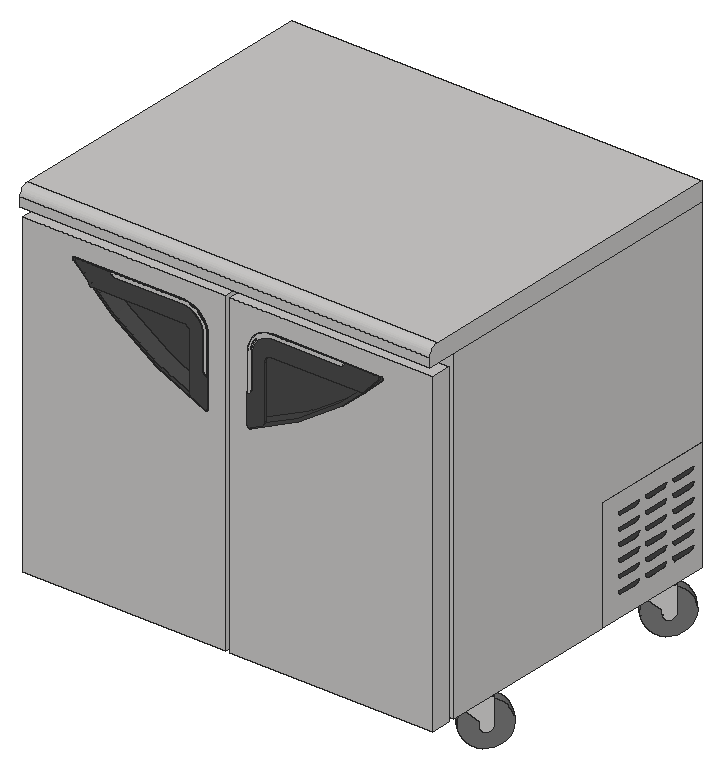
Revit family "QF_Turbo Air_TUF-36SD", category Specialty Equipment, Revit 2012
Parameters
  Weight in Pounds = 187
  Watermarked By = "http://revitwatermark.com"
  Volts = 115 V
  URL Cutsheet = ""
  URL = "www.turboairinc.com"
  Status [instance] = ""
  Specification by User [instance] = ""
  Specification by Manufacturer [instance] = ""
  Serial Number [instance] = ""
  Revision Code [instance] = ""
  Phase = 1
  Number of Poles [instance] = 1
  NAFEM Spec ID Number [instance] = ""
  Model = "TUF-36SD"
  Masterspec [instance] = ""
  Manufacturer = "Turbo Air"  # constant formula
  Legs [instance] = [6 inch Legs]  # no
  Item Number [instance] = "-"
  Installed By [instance] = ""
  HP = "1/3"
  Furnished By [instance] = ""
  Foodservice Equipment Identifier = yes
  FL Amps = 6 A
  Electrical Remarks [instance] = ""
  Electric Connection Type [instance] = ""
  Elec Conn RI Height [instance] = 0' - 0"
  Elec Conn Connection Height = 1' - 0"
  Description = "Undercounter Freezer"
  Cycle = 60 Hz
  Conn Plug = "NEMA 5-15P"
  Casters [instance] = not(Legs)  # yes
  CasterLeg Height [instance] = if([4 inch Casters], 0' 5", if([5 inch Casters], 0' 5 3/4", if([2_5 inch Casters], 0' 3 3/8", 0' 6")))  # 0' - 5"
  CSI MasterFormat = "11 41 13"
  Assembly Code = "E1090320"
  Apparent Power = if(Phase = 3, Volts * FL Amps * 1.73, Volts * FL Amps)  # 690 VA
  6 inch Legs [instance] = no
  5 inch Casters [instance] = no
  4 inch Casters [instance] = yes
  2_5 inch Casters [instance] = no
Reference planes (in)
  plane 1 "BACK": y = 0
  plane 2: z = 0
  plane 3 "LEFT": x = -20.78844
  plane 4 "Bottom": z = 5
  plane 5 "Back Stops": y = 1
  plane 6 "RIGHT": x = 15.46156
  plane 7 "FRONT": y = -30
  plane 8 "Door Clearance": y = -45.75
  plane 9 "Back of Door": y = -27.875
  plane 10 "Front of Box": y = -27.375
  plane 11 "Top of Door": z = 33.125
  plane 12 "TOP": z = 35.625
  plane 13 "Bottom of TOP": z = 34
  plane 14 "Center LR": x = -2.66344
  plane 15: x = -2.47594
  plane 16: x = -2.85094
Forms (in)
  Extrusion 1, solid, material "QF_Finishes_Stainless Steel"
    sketch origin (-20.78844, 0, 0) x (0, 1, 0) y (0, 0, 1)
      loop
        line (0, 5) -> (0, 34) -> (-27.375, 34) -> (-27.375, 5) -> (0, 5)
    from 0 to 36.25
  Extrusion 2, solid, material "QF_Finishes_Black"
    sketch origin (0, -27.375, 0) x (1, 0, 0) y (0, 0, 1)
      loop
        line (-19.78844, 32.125) -> (-19.78844, 6) -> (-3.85094, 6) -> (-3.85094, 32.125) -> (-19.78844, 32.125)
      loop
        line (-1.47594, 32.125) -> (-1.47594, 6) -> (14.46156, 6) -> (14.46156, 32.125) -> (-1.47594, 32.125)
    from 0 to 0.5
  Extrusion 3, void
    sketch origin (15.46156, 0, 0) x (0, 1, 0) y (0, 0, 1)
      loop
        line (0, 5) -> (0, 15) -> (-11, 15) -> (-11, 5) -> (0, 5)
    from 0 to -1
  Extrusion 4, solid, material "QF_Finishes_Stainless Steel"
    sketch origin (15.46156, 0, 0) x (0, 1, 0) y (0, 0, 1)
      loop
        line (-10.875, 14.875) -> (-10.875, 5) -> (0, 5) -> (0, 14.875) -> (-10.875, 14.875)
      loop
        arc (-9.25, 13.5) -> (-9.10355, 13.14645) -> (-8.75, 13) r 0.5
        line (-8.75, 13) -> (-7.25, 13)
        arc (-7.25, 13) -> (-6.89645, 13.14645) -> (-6.75, 13.5) r 0.5
        line (-6.75, 13.5) -> (-9.25, 13.5)
      loop
        arc (-6.25, 13.5) -> (-6.10355, 13.14645) -> (-5.75, 13) r 0.5
        line (-5.75, 13) -> (-4.25, 13)
        arc (-4.25, 13) -> (-3.89645, 13.14645) -> (-3.75, 13.5) r 0.5
        line (-3.75, 13.5) -> (-6.25, 13.5)
      loop
        arc (-3.25, 13.5) -> (-3.10355, 13.14645) -> (-2.75, 13) r 0.5
        line (-2.75, 13) -> (-1.25, 13)
        arc (-1.25, 13) -> (-0.89645, 13.14645) -> (-0.75, 13.5) r 0.5
        line (-0.75, 13.5) -> (-3.25, 13.5)
      loop
        arc (-9.25, 12.25) -> (-9.10355, 11.89645) -> (-8.75, 11.75) r 0.5
        line (-8.75, 11.75) -> (-7.25, 11.75)
        arc (-7.25, 11.75) -> (-6.89645, 11.89645) -> (-6.75, 12.25) r 0.5
        line (-6.75, 12.25) -> (-9.25, 12.25)
      loop
        arc (-6.25, 12.25) -> (-6.10355, 11.89645) -> (-5.75, 11.75) r 0.5
        line (-5.75, 11.75) -> (-4.25, 11.75)
        arc (-4.25, 11.75) -> (-3.89645, 11.89645) -> (-3.75, 12.25) r 0.5
        line (-3.75, 12.25) -> (-6.25, 12.25)
      loop
        arc (-3.25, 12.25) -> (-3.10355, 11.89645) -> (-2.75, 11.75) r 0.5
        line (-2.75, 11.75) -> (-1.25, 11.75)
        arc (-1.25, 11.75) -> (-0.89645, 11.89645) -> (-0.75, 12.25) r 0.5
        line (-0.75, 12.25) -> (-3.25, 12.25)
      loop
        arc (-9.25, 11) -> (-9.10355, 10.64645) -> (-8.75, 10.5) r 0.5
        line (-8.75, 10.5) -> (-7.25, 10.5)
        arc (-7.25, 10.5) -> (-6.89645, 10.64645) -> (-6.75, 11) r 0.5
        line (-6.75, 11) -> (-9.25, 11)
      loop
        arc (-6.25, 11) -> (-6.10355, 10.64645) -> (-5.75, 10.5) r 0.5
        line (-5.75, 10.5) -> (-4.25, 10.5)
        arc (-4.25, 10.5) -> (-3.89645, 10.64645) -> (-3.75, 11) r 0.5
        line (-3.75, 11) -> (-6.25, 11)
      loop
        arc (-3.25, 11) -> (-3.10355, 10.64645) -> (-2.75, 10.5) r 0.5
        line (-2.75, 10.5) -> (-1.25, 10.5)
        arc (-1.25, 10.5) -> (-0.89645, 10.64645) -> (-0.75, 11) r 0.5
        line (-0.75, 11) -> (-3.25, 11)
      loop
        arc (-9.25, 9.75) -> (-9.10355, 9.39645) -> (-8.75, 9.25) r 0.5
        line (-8.75, 9.25) -> (-7.25, 9.25)
        arc (-7.25, 9.25) -> (-6.89645, 9.39645) -> (-6.75, 9.75) r 0.5
        line (-6.75, 9.75) -> (-9.25, 9.75)
      loop
        arc (-6.25, 9.75) -> (-6.10355, 9.39645) -> (-5.75, 9.25) r 0.5
        line (-5.75, 9.25) -> (-4.25, 9.25)
        arc (-4.25, 9.25) -> (-3.89645, 9.39645) -> (-3.75, 9.75) r 0.5
        line (-3.75, 9.75) -> (-6.25, 9.75)
      loop
        arc (-3.25, 9.75) -> (-3.10355, 9.39645) -> (-2.75, 9.25) r 0.5
        line (-2.75, 9.25) -> (-1.25, 9.25)
        arc (-1.25, 9.25) -> (-0.89645, 9.39645) -> (-0.75, 9.75) r 0.5
        line (-0.75, 9.75) -> (-3.25, 9.75)
      loop
        arc (-9.25, 8.5) -> (-9.10355, 8.14645) -> (-8.75, 8) r 0.5
        line (-8.75, 8) -> (-7.25, 8)
        arc (-7.25, 8) -> (-6.89645, 8.14645) -> (-6.75, 8.5) r 0.5
        line (-6.75, 8.5) -> (-9.25, 8.5)
      loop
        arc (-6.25, 8.5) -> (-6.10355, 8.14645) -> (-5.75, 8) r 0.5
        line (-5.75, 8) -> (-4.25, 8)
        arc (-4.25, 8) -> (-3.89645, 8.14645) -> (-3.75, 8.5) r 0.5
        line (-3.75, 8.5) -> (-6.25, 8.5)
      loop
        arc (-3.25, 8.5) -> (-3.10355, 8.14645) -> (-2.75, 8) r 0.5
        line (-2.75, 8) -> (-1.25, 8)
        arc (-1.25, 8) -> (-0.89645, 8.14645) -> (-0.75, 8.5) r 0.5
        line (-0.75, 8.5) -> (-3.25, 8.5)
      loop
        arc (-9.25, 7.25) -> (-9.10355, 6.89645) -> (-8.75, 6.75) r 0.5
        line (-8.75, 6.75) -> (-7.25, 6.75)
        arc (-7.25, 6.75) -> (-6.89645, 6.89645) -> (-6.75, 7.25) r 0.5
        line (-6.75, 7.25) -> (-9.25, 7.25)
      loop
        arc (-6.25, 7.25) -> (-6.10355, 6.89645) -> (-5.75, 6.75) r 0.5
        line (-5.75, 6.75) -> (-4.25, 6.75)
        arc (-4.25, 6.75) -> (-3.89645, 6.89645) -> (-3.75, 7.25) r 0.5
        line (-3.75, 7.25) -> (-6.25, 7.25)
      loop
        arc (-3.25, 7.25) -> (-3.10355, 6.89645) -> (-2.75, 6.75) r 0.5
        line (-2.75, 6.75) -> (-1.25, 6.75)
        arc (-1.25, 6.75) -> (-0.89645, 6.89645) -> (-0.75, 7.25) r 0.5
        line (-0.75, 7.25) -> (-3.25, 7.25)
    from 0 to -1
  Extrusion 5, solid, material "QF_Finishes_Black"
    sketch origin (15.46156, 0, 0) x (0, 1, 0) y (0, 0, 1)
      loop
        line (-9.875, 13.95221) -> (-9.875, 6.20221) -> (-0.375, 6.20221) -> (-0.375, 13.95221) -> (-9.875, 13.95221)
    from -0.125 to -1
  Extrusion 6, solid, material "QF_Finishes_Black"
    sketch origin (0, 0, 0) x (1, 0, 0) y (0, 0, 1)
      loop
        circle (-14.66344, 30.8125) r 0.5
      loop
        circle (9.33656, 30.8125) r 0.5
    from 0 to -1
  Extrusion 7, solid, material "QF_Finishes_Stainless Steel"
    sketch origin (0, 0, 0) x (1, 0, 0) y (0, 0, 1)
      loop
        circle (11.46156, 11.125) r 0.25
    from 0 to -0.0625
  Extrusion 8, solid, material "QF_Finishes_Polished Steel"
    sketch origin (-20.78844, 0, 0) x (0, 1, 0) y (0, 0, 1)
      loop
        line (0, 35.625) -> (-29.1875, 35.625)
        arc (-29.1875, 35.625) -> (-29.76202, 35.38702) -> (-30, 34.8125) r 0.8125
        line (-30, 34.8125) -> (-30, 34) -> (0, 34) -> (0, 35.625)
    from 0 to 36.25
Cuts and joins
  Extrusion 3 cuts Extrusion 1
Lines and regions (in)
  symbolic lines
    curve 1: line (-20.78844, 0, 35.875) -> (15.46156, 0, 35.875)
    curve 2: line (-20.78844, -30, 35.875) -> (-20.78844, 0, 35.875)
    curve 3: line (15.46156, -30, 35.875) -> (-20.78844, -30, 35.875)
    curve 4: line (15.46156, 0, 35.875) -> (15.46156, -30, 35.875)
    curve 5: line (8.83656, 1, 35.875) -> (9.83656, 1, 35.875)
    curve 6: line (-15.16344, 1, 35.875) -> (-14.16344, 1, 35.875)
    curve 7: line (-15.16344, 1, 35.875) -> (-15.16344, 0, 35.875)
    curve 8: line (-14.16344, 1, 35.875) -> (-14.16344, 0, 35.875)
    curve 9: line (8.83656, 1, 35.875) -> (8.83656, 0, 35.875)
    curve 10: line (9.83656, 1, 35.875) -> (9.83656, 0, 35.875)
  symbolic lines, style "QF_Clearances", detail levels coarse
    curve 11: line (15.46156, -30, 35.875) -> (15.46156, -45.75, 35.875)
    curve 12: arc (15.46156, -45.75, 35.875) -> (3.59709, -41.24474, 35.875) -> (-2.28668, -30, 35.875) r 17.875
    curve 13: line (-20.78844, -30, 35.875) -> (-20.78844, -45.75, 35.875)
    curve 14: arc (-20.78844, -45.75, 35.875) -> (-8.92397, -41.24474, 35.875) -> (-3.0402, -30, 35.875) r 17.875
Dimensions and locks (in)
  "CasterLeg Height": plane 4 "Bottom" to plane 2
  locked: plane 1 "BACK" to plane 5 "Back Stops" at 1
  locked: plane 6 "RIGHT" to plane 3 "LEFT" at 36.25
  locked: plane 7 "FRONT" to plane 1 "BACK" at 30
  locked: plane 9 "Back of Door" to plane 10 "Front of Box" at 0.5
  locked: plane 8 "Door Clearance" to plane 1 "BACK" at 45.75
  locked: plane 11 "Top of Door" to Extrusion 2 sketch curve at 1  (x2)
  locked: Extrusion 2 sketch curve to plane 3 "LEFT" at 1
  locked: Extrusion 2 sketch curve to plane 4 "Bottom" at 1  (x2)
  locked: Extrusion 3 sketch curve to plane 1 "BACK" at 11
  locked: Extrusion 3 sketch curve to plane 4 "Bottom" at 10
  locked: plane 4 "Bottom" to Extrusion 4 sketch curve at 9.875
  locked: Extrusion 4 sketch curve to plane 1 "BACK" at 10.875
  locked: Extrusion 5 sketch curve to Extrusion 5 sketch curve at 7.75
  locked: Extrusion 5 sketch curve to plane 4 "Bottom" at 1.20221
  locked: Extrusion 5 sketch curve to Extrusion 5 sketch curve at 9.5
  locked: Extrusion 5 sketch curve to plane 1 "BACK" at 0.375
  locked: nested 2 to plane 1 "BACK" at 2.5625
  locked: plane 3 "LEFT" to nested 2 at 2.5
  locked: plane 3 "LEFT" to nested 3 at 2.5
  locked: plane 10 "Front of Box" to nested 3 at 4.625
  locked: nested 4 to plane 6 "RIGHT" at 2.5
  locked: nested 5 to plane 6 "RIGHT" at 2.5
  locked: plane 10 "Front of Box" to nested 5 at 4.625
  locked: nested 4 to plane 1 "BACK" at 2.5625
  locked: plane 6 "RIGHT" to Extrusion 6 sketch curve at 6.125
  locked: Extrusion 6 sketch curve to plane 3 "LEFT" at 6.125
  locked: Extrusion 7 sketch curve to plane 4 "Bottom" at 6.125
  locked: plane 6 "RIGHT" to Extrusion 7 sketch curve at 4
  locked: plane 12 "TOP" to plane 4 "Bottom" at 30.625
  locked: plane 12 "TOP" to plane 13 "Bottom of TOP" at 1.625
  locked: plane 13 "Bottom of TOP" to plane 11 "Top of Door" at 0.875
  plane 9 "Back of Door" to plane 1 "BACK" = 2' - 3 7/8"
  equal spacing: plane 3 "LEFT", plane 14 "Center LR", plane 6 "RIGHT"
  plane 16 to plane 14 "Center LR" to plane 15 = 0' - 0 3/16" locked, 0' - 0 3/16" locked
  locked: Extrusion 2 sketch curve to plane 16 at 1
  locked: Extrusion 2 sketch curve to plane 6 "RIGHT" at 1
  locked: Extrusion 2 sketch curve to plane 15 at 1
  aligned and locked: level to plane 2
  aligned and locked: plane 6 "RIGHT" to nested 1
  aligned and locked: Extrusion 1 sketch curve to plane 1 "BACK"
  aligned and locked: Extrusion 1 sketch curve to plane 4 "Bottom"
  aligned and locked: plane 10 "Front of Box" to Extrusion 1 sketch curve
  aligned and locked: plane 6 "RIGHT" to Extrusion 1
  aligned and locked: plane 9 "Back of Door" to Extrusion 2
  aligned and locked: Extrusion 3 sketch curve to plane 1 "BACK"
  aligned and locked: Extrusion 3 sketch curve to plane 4 "Bottom"
  aligned and locked: Extrusion 6 to plane 5 "Back Stops"
  aligned and locked: plane 1 "BACK" to curve 1
  aligned and locked: curve 4 to plane 6 "RIGHT"
  aligned and locked: plane 3 "LEFT" to curve 2
  aligned and locked: curve 3 to plane 7 "FRONT"
  aligned and locked: curve 5 to Extrusion 6
  aligned and locked: curve 6 to Extrusion 6
  aligned and locked: Extrusion 1 sketch curve to plane 13 "Bottom of TOP"
  aligned and locked: plane 1 "BACK" to Extrusion 8 sketch curve
  aligned and locked: plane 13 "Bottom of TOP" to Extrusion 8 sketch curve
  aligned and locked: Extrusion 8 sketch curve to plane 7 "FRONT"
  aligned and locked: Extrusion 8 sketch curve to plane 12 "TOP"
  aligned and locked: plane 6 "RIGHT" to Extrusion 8
  aligned and locked: nested 6 to plane 4 "Bottom"
  aligned and locked: plane 4 "Bottom" to nested 1
Automatic sketch dimensions
  Extrusion 4 sketch curve to plane 1 "BACK" = 0' - 0"
  Extrusion 4 sketch curve to plane 4 "Bottom" = 0' - 0"
  Extrusion 4 sketch curve to Extrusion 4 sketch curve = 0' - 1 5/8"
  Extrusion 4 sketch curve to Extrusion 4 sketch curve = 0' - 0"  (x16)
  Extrusion 4 sketch curve to Extrusion 4 sketch curve = 0' - 0 1/2"  (x31)
  Extrusion 4 sketch curve to Extrusion 4 sketch curve = 0' - 1 1/2"  (x4)
  plane 1 "BACK" to Extrusion 4 sketch curve = 0' - 1 1/4"  (x3)
  plane 4 "Bottom" to Extrusion 4 sketch curve = 0' - 1 3/4"  (x2)
  Extrusion 4 sketch curve to Extrusion 4 sketch curve = 0' - 0 3/4"  (x15)
  Extrusion 6 sketch curve to plane 11 "Top of Door" = 0' - 2 5/16"  (x2)
  Extrusion 8 sketch curve to plane 7 "FRONT" = 0' - 0 13/16"
  plane 8 "Door Clearance" to curve 11 = 0' - 0"
  plane 8 "Door Clearance" to curve 14 = 0' - 0"
  plane 9 "Back of Door" to curve 12 = 0' - 0"
  plane 9 "Back of Door" to curve 14 = 0' - 0"
  curve 10 to plane 6 "RIGHT" = 0' - 5 5/8"
  curve 5 to curve 9 = 0' - 1"
  plane 3 "LEFT" to curve 8 = 0' - 6 5/8"
  curve 6 to curve 7 = 0' - 1"
  radius of Extrusion 6 sketch curve = 0' - 0 1/2"  (x2)
  radius of Extrusion 7 sketch curve = 0' - 0 1/4"
Nested families (in)
  nested 1: "QF_Turbo Air_TBL_Door-2" at (0.28489, -27.875, 5) x (-1, 0, 0) z (0, 0, 1), type "QF_Turbo Air_TBL_Door-2"
    with Width 1' - 5 15/16", Symbolic Lines no, Height 2' - 4 1/8", Depth 0' - 1 13/16"
  nested 2: "FESCasterLeg" at (-18.28844, -2.5625, 0), Legs <- "Legs", Casters <- "Casters", Height <- "CasterLeg Height", type "FESCasterLeg"
    with Legs no, Height 0' - 5", Casters yes, Caster Radius 0' - 2"
  nested 3: "FESCasterLeg" at (-18.28844, -22.75, 0), Legs <- "Legs", Casters <- "Casters", Height <- "CasterLeg Height", type "FESCasterLeg"
    with Legs no, Height 0' - 5", Casters yes, Caster Radius 0' - 2"
  nested 4: "FESCasterLeg" at (12.96156, -2.5625, 0), Legs <- "Legs", Casters <- "Casters", Height <- "CasterLeg Height", type "FESCasterLeg"
    with Legs no, Height 0' - 5", Casters yes, Caster Radius 0' - 2"
  nested 5: "FESCasterLeg" at (12.96156, -22.75, 0), Legs <- "Legs", Casters <- "Casters", Height <- "CasterLeg Height", type "FESCasterLeg"
    with Legs no, Height 0' - 5", Casters yes, Caster Radius 0' - 2"
  nested 6: "QF_Turbo Air_TBL_Door-2" at (-5.61177, -27.875, 5), type "QF_Turbo Air_TBL_Door-2"
    with Width 1' - 5 15/16", Symbolic Lines no, Height 2' - 4 1/8", Depth 0' - 1 13/16"
Connectors (in)
  electrical at (11.46156, 0.0625, 11.125), driven by "Number of Poles", driven by "Volts", driven by "Apparent Power"
    settings: on Extrusion 7, index 1, voltage 115 V, apparent load 690 VA, apparent load phase1 0 VA, apparent load phase2 0 VA, apparent load phase3 0 VA, power factor 1, load classification "Other", number of poles 1, system type 30, power factor state 1, is connector primary yes, connector utility no, sub classification motor no, connector description ""
Definition of nested family "QF_Turbo Air_TBL_Door-2"
  Parameters (values of type "QF_Turbo Air_TBL_Door-2")
    Width [instance] = 1' - 6"
    Watermarked By = "http://revitwatermark.com"
    Symbolic Lines [instance] = yes
    Manufacturer = "Turbo Air"  # constant formula
    Height [instance] = 2' - 3 1/2"
    Depth [instance] = 0' - 1 13/16"
  Reference planes (in)
    plane 1 "BACK": y = 0
    plane 2: z = 0
    plane 3 "LEFT": x = -15.17667
    plane 4: x = 2.82333
    plane 5 "FRONT": y = -1.8125
    plane 6: z = 27.5
  Forms (in)
    Extrusion 1, solid, material "QF_Finishes_Stainless Steel"
      sketch origin (0, 0, 0) x (1, 0, 0) y (0, 0, 1)
        loop
          line (-15.17667, 27.5) -> (-15.17667, 0) -> (2.82333, 0) -> (2.82333, 27.5) -> (-15.17667, 27.5)
        loop
          arc (1.26083, 23.75) -> (0.62013, 25.2968) -> (-0.92667, 25.9375) r 2.1875
          line (-0.92667, 25.9375) -> (-10.51602, 25.9375)
          arc (-10.51602, 25.9375) -> (-10.68463, 25.82502) -> (-10.64553, 25.62614) r 0.18261
          arc (-10.64553, 25.62614) -> (-5.27313, 21.0225) -> (1.01159, 17.7731) r 30.65514
          arc (1.01159, 17.7731) -> (1.18191, 17.79728) -> (1.26083, 17.95014) r 0.1875
          line (1.26083, 17.95014) -> (1.26083, 23.75)
      from 0 to 1.8125
    Extrusion 2, solid, material "QF_Finishes_Black"
      sketch origin (0, 0, 0) x (1, 0, 0) y (0, 0, 1)
        loop
          arc (-10.51602, 25.9375) -> (-10.68463, 25.82502) -> (-10.64553, 25.62614) r 0.18261
          arc (-10.64553, 25.62614) -> (-5.27313, 21.0225) -> (1.01159, 17.7731) r 30.65514
          arc (1.01159, 17.7731) -> (1.18191, 17.79728) -> (1.26083, 17.95014) r 0.1875
          line (1.26083, 17.95014) -> (1.26083, 23.75)
          arc (1.26083, 23.75) -> (0.62013, 25.2968) -> (-0.92667, 25.9375) r 2.1875
          line (-0.92667, 25.9375) -> (-10.51602, 25.9375)
      from 0 to 0.25
    Extrusion 3, solid, material "QF_Finishes_Black"
      sketch origin (0, -1.8125, 0) x (1, 0, 0) y (0, 0, 1)
        loop
          arc (-10.51602, 25.9375) -> (-10.68463, 25.82502) -> (-10.64553, 25.62614) r 0.18261
          arc (-10.64553, 25.62614) -> (-5.27313, 21.0225) -> (1.01159, 17.7731) r 30.65514
          arc (1.01159, 17.7731) -> (1.18191, 17.79728) -> (1.26083, 17.95014) r 0.1875
          line (1.26083, 17.95014) -> (1.26083, 23.75)
          arc (1.26083, 23.75) -> (0.62013, 25.2968) -> (-0.92667, 25.9375) r 2.1875
          line (-0.92667, 25.9375) -> (-10.51602, 25.9375)
        loop
          arc (-10.3612, 25.6875) -> (-5.1116, 21.21513) -> (1.01083, 18.04082) r 30.40514
          line (1.01083, 18.04082) -> (1.01083, 23.75)
          arc (1.01083, 23.75) -> (0.44335, 25.12002) -> (-0.92667, 25.6875) r 1.9375
          line (-0.92667, 25.6875) -> (-10.3612, 25.6875)
      from 0 to -1.5625
    Extrusion 4, solid, material "QF_Finishes_Stainless Steel"
      sketch origin (0, -1.8125, 0) x (1, 0, 0) y (0, 0, 1)
        loop
          line (0.8693, 23.74703) -> (0.8693, 20.9359)
          arc (0.8693, 20.9359) -> (0.97619, 20.67783) -> (1.23426, 20.57094) r 0.36497
          line (1.23426, 20.57094) -> (1.23426, 23.75728)
          arc (1.23426, 23.75728) -> (0.60343, 25.28026) -> (-0.91955, 25.9111) r 2.15381
          line (-0.91955, 25.9111) -> (-7.29364, 25.9111)
          arc (-7.29364, 25.9111) -> (-7.18686, 25.6533) -> (-6.92907, 25.54652) r 0.36457
          line (-6.92907, 25.54652) -> (-0.9302, 25.54652)
          arc (-0.9302, 25.54652) -> (0.34224, 25.01946) -> (0.8693, 23.74703) r 1.79949
      from 0 to 0.0625
    Extrusion 5, solid, material "QF_Finishes_Black"
      sketch origin (0, -1.8125, 0) x (1, 0, 0) y (0, 0, 1)
        loop
          line (-7.29579, 25.91713) -> (-10.23685, 25.91713)
          arc (-10.23685, 25.91713) -> (-10.4057, 25.80626) -> (-10.37109, 25.60724) r 0.18402
          arc (-10.37109, 25.60724) -> (-9.82156, 25.0362) -> (-9.25736, 24.47964) r 30.46741
          arc (-9.25736, 24.47964) -> (-9.13766, 24.40221) -> (-8.99771, 24.37509) r 0.37471
          line (-8.99771, 24.37509) -> (-0.92669, 24.37509)
          arc (-0.92669, 24.37509) -> (-0.48472, 24.19202) -> (-0.30165, 23.75005) r 0.62505
          line (-0.30165, 23.75005) -> (-0.30165, 18.75593)
          arc (-0.30165, 18.75593) -> (-0.23944, 18.54909) -> (-0.07345, 18.41087) r 0.375
          arc (-0.07345, 18.41087) -> (0.46451, 18.18804) -> (1.00663, 17.97553) r 30.46765
          arc (1.00663, 17.97553) -> (1.17982, 17.99636) -> (1.26095, 18.15079) r 0.18755
          line (1.26095, 18.15079) -> (1.26095, 20.57213)
          arc (1.26095, 20.57213) -> (0.98629, 20.66883) -> (0.87001, 20.93579) r 0.36461
          line (0.87001, 20.93579) -> (0.87001, 23.74835)
          arc (0.87001, 23.74835) -> (0.34256, 25.02175) -> (-0.93084, 25.54921) r 1.80086
          line (-0.93084, 25.54921) -> (-6.92787, 25.54921)
          arc (-6.92787, 25.54921) -> (-7.18803, 25.65697) -> (-7.29579, 25.91713) r 0.36792
      from 0 to 0.0625
  Lines and regions (in)
    symbolic lines, visible <- "Symbolic Lines"
      curve 1: line (-15.17667, 0, 25.96875) -> (2.82333, 0, 25.96875)
      curve 2: line (-15.17667, -1.8125, 25.96875) -> (-15.17667, 0, 25.96875)
      curve 3: line (2.82333, -1.8125, 25.96875) -> (-15.17667, -1.8125, 25.96875)
      curve 4: line (2.82333, 0, 25.96875) -> (2.82333, -1.8125, 25.96875)
  Dimensions and locks (in)
    "Width": plane 4 to plane 3 "LEFT"
    "Depth": plane 5 "FRONT" to plane 1 "BACK"
    "Height": plane 6 to plane 2
    locked: plane 4 to Extrusion 1 sketch curve at 3.75
    locked: plane 6 to Extrusion 1 sketch curve at 3.75
    locked: plane 6 to Extrusion 1 sketch curve at 9.54986
    locked: plane 4 to Extrusion 1 sketch curve at 1.5625
    locked: plane 6 to Extrusion 1 sketch curve at 1.5625
    locked: plane 4 to Extrusion 1 sketch curve at 13.33935
    locked: plane 6 to Extrusion 1 sketch curve at 1.87386
    locked: plane 6 to Extrusion 1 sketch curve at 9.7269
    locked: plane 4 to Extrusion 1 sketch curve at 1.81175
    locked: plane 4 to Extrusion 1 sketch curve at 13.46886
    locked: Extrusion 4 sketch curve to Extrusion 4 sketch curve at 0.36457
    locked: Extrusion 4 sketch curve to Extrusion 4 sketch curve at 0.36497
    locked: plane 4 to Extrusion 4 sketch curve at 1.58907
    locked: plane 6 to Extrusion 4 sketch curve at 1.5889
    plane 4 to Extrusion 4 sketch curve = 0' - 10.11697"
    locked: plane 4 to Extrusion 4 sketch curve at 9.7524
    locked: plane 4 to Extrusion 4 sketch curve at 3.74288
    locked: plane 4 to Extrusion 4 sketch curve at 3.75353
    locked: plane 6 to Extrusion 4 sketch curve at 3.74272
    locked: plane 6 to Extrusion 4 sketch curve at 3.75297
    locked: plane 6 to Extrusion 4 sketch curve at 6.92906
    locked: plane 6 to Extrusion 4 sketch curve at 6.5641
    locked: plane 4 to Extrusion 2 sketch curve at 3.75
    locked: plane 4 to Extrusion 2 sketch curve at 13.33935
    locked: plane 4 to Extrusion 2 sketch curve at 13.46886
    locked: plane 4 to Extrusion 2 sketch curve at 1.81175
    locked: plane 4 to Extrusion 2 sketch curve at 1.5625
    locked: plane 4 to Extrusion 5 sketch curve at 1.56238
    locked: plane 4 to Extrusion 5 sketch curve at 1.95332
    locked: plane 4 to Extrusion 5 sketch curve at 3.75417
    locked: plane 4 to Extrusion 5 sketch curve at 9.75121
    locked: plane 4 to Extrusion 5 sketch curve at 10.11912
    locked: plane 4 to Extrusion 5 sketch curve at 13.06018
    locked: plane 4 to Extrusion 5 sketch curve at 13.19443
    locked: plane 4 to Extrusion 5 sketch curve at 12.0807
    locked: plane 4 to Extrusion 5 sketch curve at 11.82104
    locked: plane 4 to Extrusion 5 sketch curve at 3.75003
    locked: plane 4 to Extrusion 5 sketch curve at 3.12498
    locked: plane 4 to Extrusion 5 sketch curve at 2.89679
    locked: plane 4 to Extrusion 5 sketch curve at 1.81671
    aligned and locked: level to plane 2
    aligned and locked: Extrusion 1 sketch curve to plane 6
    aligned and locked: plane 3 "LEFT" to Extrusion 1 sketch curve
    aligned and locked: level to Extrusion 1 sketch curve
    aligned and locked: Extrusion 1 sketch curve to plane 4
    aligned and locked: plane 5 "FRONT" to Extrusion 1
    aligned and locked: plane 1 "BACK" to curve 1
    aligned and locked: plane 3 "LEFT" to curve 2
    aligned and locked: curve 3 to plane 5 "FRONT"
    aligned and locked: curve 4 to plane 4
    aligned and locked: Extrusion 3 sketch curve to Extrusion 1  (x4)
  Automatic sketch dimensions
    plane 4 to Extrusion 1 sketch curve = 0' - 9.03101"
    Extrusion 2 sketch curve to plane 6 = 0' - 1 9/16"
    Extrusion 2 sketch curve to Extrusion 2 sketch curve = 0' - 5.79986"
    Extrusion 2 sketch curve to Extrusion 2 sketch curve = 0' - 0.31136"
    plane 4 to Extrusion 2 sketch curve = 0' - 9.03101"
    Extrusion 2 sketch curve to Extrusion 2 sketch curve = 0' - 0.17704"
    Extrusion 3 sketch curve to Extrusion 3 sketch curve = 0' - 0.12951"
    Extrusion 3 sketch curve to Extrusion 3 sketch curve = 0' - 0.15482"
    Extrusion 3 sketch curve to Extrusion 3 sketch curve = 0' - 0"  (x4)
    Extrusion 3 sketch curve to Extrusion 3 sketch curve = 0' - 0.00075"
    Extrusion 3 sketch curve to Extrusion 3 sketch curve = 0' - 0.09068"
    Extrusion 5 sketch curve to Extrusion 5 sketch curve = 0' - 0"  (x4)
    Extrusion 5 sketch curve to Extrusion 5 sketch curve = 0' - 0.00072"
    Extrusion 5 sketch curve to Extrusion 5 sketch curve = 0' - 2.81256"
    Extrusion 5 sketch curve to Extrusion 5 sketch curve = 0' - 0.36461"
    Extrusion 5 sketch curve to Extrusion 5 sketch curve = 0' - 1.8162"
    Extrusion 5 sketch curve to plane 6 = 0' - 1.89276"
    Extrusion 5 sketch curve to Extrusion 5 sketch curve = 0' - 0.14681"
    Extrusion 5 sketch curve to Extrusion 5 sketch curve = 0' - 0.06678"
    Extrusion 5 sketch curve to plane 6 = 0' - 1.58287"
Definition of nested family "FESCasterLeg"
  Parameters (values of type "FESCasterLeg")
    Watermarked By = "http://revitwatermark.com"
    Type Comments = "⍁⍉⌁⌀⏭⎽⌇⍠⌜⍉⎖⌥⌦⌯⍭⏊⍻⍿⍊⏵⍊⏗⏠⍴⎡⌈⎀⍠⌓⌤⏘⎐⍀⌐⏬⏁⎈⏍⏦⎒⏬⌝⍩⍇⌣〈⎫〉⎁⏊⍥⍖⍥⍝⍦⌖⍀⏌⏭⎝⎼⏷⏞⍻⏯⎽⏷⏞⍻⏯⎽⏷⎺⌻⎝⍎⌧⏷⏟⏿⌿⍜⍦⍤⌁⍬⏶⏎⍊⏚⏉⎞⌡⎀⎪⏈⌟⌿⍾⍼⌟⌿⌢⌞⏜⏝⎽⍷⍷⍯⍧⍷⌯⍽⏸⏨⏾⏎⌣⏺⍹⏼⏅⎏⌽⎫⎪⍙⎓⏗⎗⏅⌴⍏⍏⍿⏑⎺⍘⌭⏲⍥⎛⎾⎾⍞⍌⎪⎲⌙⎥⏏⎟⎟⏼⏘⎏⎝⏧⏍⏁⍏⍧⏯⏾⌟"
    Legs [instance] = yes
    Height [instance] = 0' - 6"
    Caster Radius [instance] = if(Height < 0' 3", 0' 1", (Height / 2) - 0' 0 1/2")  # 0' - 2 1/2"
    Casters [instance] = yes
    Assembly Code = ""
  Reference planes (in)
    plane 1 "Center (Front/Back)": y = 0
    plane 2: z = 0
    plane 3 "Center (Left/Right)": x = 0
    plane 4: z = 6
    plane 5: z = 5.5
  Forms (in)
    Extrusion 1, solid, material "QF_Finishes_Stainless Steel", visible <- "Casters"
      sketch origin (-24.12131, -22.88887, 10.18833) x (0.707107, 0.707107, 0) y (0, 0, 1)
        loop
          line (34.98772, -7.68833) -> (34.98772, -4.93833) -> (34.48772, -4.93833) -> (34.39402, -4.68833) -> (32.39402, -4.68833) -> (32.39402, -5.43833) -> (33.98772, -7.34206) -> (33.98772, -7.68833)
          arc (33.98772, -7.68833) -> (34.48772, -8.18833) -> (34.98772, -7.68833) r 0.5
      from 0 to 1.75
    Extrusion 2, solid, material "QF_Finishes_Rubber Black", visible <- "Casters"
      sketch origin (-24.32327, -23.09083, 13.31461) x (0.707107, 0.707107, 0) y (0, 0, 1)
        loop
          circle (34.77334, -10.81461) r 2.5
      from 0.375 to 1.375
    Extrusion 3, solid, material "QF_Finishes_Stainless Steel", visible <- "Casters"
      sketch origin (-7.24148, -8.48391, 0) x (0.707107, 0.707107, 0) y (0, 0, 1)
        loop
          line (10.61603, 5.5) -> (11.61603, 5.5) -> (11.61603, 6) -> (10.61603, 6) -> (10.61603, 5.5)
      from 0 to -1.75
    Blend 4, solid, material "QF_Finishes_Stainless Steel", visible <- "Legs"
      base sketch origin (0, 0, 0) x (1, 0, 0) y (0, 1, 0)
        loop
          circle (0, 0) r 0.5
      top sketch origin (0, 0, 0) x (1, 0, 0) y (0, 1, 0)
        loop
          circle (0, 0) r 1
      from 0 to 6 <- "Height"
  Lines and regions (in)
    symbolic lines, style "QF_Hidden Details", visible <- "Casters", built-in parameter 1006206 <- "Casters"
      curve 1: line (-1.26158, -0.51911, 0) -> (1.39007, 2.13254, 0)
      curve 2: line (-0.53429, -1.24639, 0) -> (2.11736, 1.40526, 0)
    symbolic lines, style "QF_Hidden Details", built-in parameter 1006206 <- "Casters", visible <- "Casters"
      curve 3: line (-1.26158, -0.51911, 0) -> (1.39007, 2.13254, 0)
      curve 4: line (-0.53429, -1.24639, 0) -> (2.11736, 1.40526, 0)
  Dimensions and locks (in)
    locked: plane 4 to plane 5 at 0.5
    "Height": plane 4 to level
    "Caster Radius": Extrusion 2 sketch curve to level
    "Caster Radius": Extrusion 1 sketch curve to level
    "Caster Radius": radius of Extrusion 2 sketch curve
    aligned and locked: plane 2 to level
    aligned: Blend 4 to Extrusion 3
    aligned and locked: plane 4 to Blend 4
    aligned and locked: Extrusion 3 to plane 5
    aligned and locked: plane 4 to Extrusion 3
    aligned and locked: plane 5 to Extrusion 1
  Automatic sketch dimensions
    plane 1 "Center (Front/Back)" to curve 3 = 0' - 0.51911"
    curve 3 to plane 3 "Center (Left/Right)" = 0' - 1.26158"
    plane 1 "Center (Front/Back)" to curve 1 = 0' - 0.51911"
    curve 1 to curve 3 = 0' - 0"  (x3)
    curve 4 to plane 3 "Center (Left/Right)" = 0' - 0.53429"
    curve 2 to curve 4 = 0' - 0"  (x2)
    plane 3 "Center (Left/Right)" to curve 3 = 0' - 1.39007"
    curve 1 to curve 4 = 0' - 0.72729"
    curve 2 to curve 1 = 0' - 0.72729"
    curve 4 to curve 2 = 0' - 0"  (x2)
    curve 2 to plane 1 "Center (Front/Back)" = 0' - 1.40526"
    curve 2 to curve 3 = 0' - 0.72729"
    plane 5 to Extrusion 1 sketch curve = 0' - 0"
    Extrusion 1 sketch curve to Extrusion 1 sketch curve = 0' - 1.5937"
    Extrusion 1 sketch curve to Extrusion 1 sketch curve = 0' - 2"
    Extrusion 1 sketch curve to Extrusion 1 sketch curve = 0' - 0.0937"
    Extrusion 1 sketch curve to Extrusion 1 sketch curve = 0' - 0 1/2"
    Extrusion 1 sketch curve to Extrusion 1 sketch curve = 0' - 0.34627"
    Extrusion 1 sketch curve to plane 5 = 0' - 0 3/4"
    Extrusion 1 sketch curve to plane 5 = 0' - 0 1/4"
    Extrusion 3 sketch curve to plane 5 = 0' - 0"
    plane 4 to Extrusion 3 sketch curve = 0' - 0"
    Extrusion 3 sketch curve to Extrusion 3 sketch curve = 0' - 1"
    plane 1 "Center (Front/Back)" to Blend 4 sketch curve = 0' - 0"  (x2)
    Blend 4 sketch curve to plane 3 "Center (Left/Right)" = 0' - 0"  (x2)
    radius of Blend 4 sketch curve = 0' - 0 1/2"
    radius of Blend 4 sketch curve = 0' - 1"
